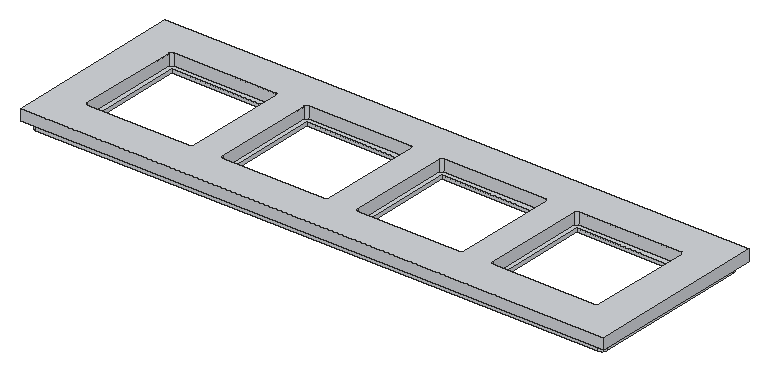
Revit family "Gira_0214220", category Electrical Fixtures, host Face, Revit 2017
Family settings
  Host = Face
  Maintain Annotation Orientation = No
  Round Connector Dimension = Use Diameter
  Part Type = Normal
  Cut with Voids When Loaded = No
  Shared = No
  Room Calculation Point = No
Parameters (values of type "Abdeckrahmen 4f Gira Esprit Lin.Mpx.Hellgrau")
  Werkstoffgüte = "sonstige"
  Werkstoff = "sonstige"
  URL = "http://katalog.gira.de/de_DE/datenblatt.html?artikelnr=0214220"
  Transparent = "No"
  Textfeld/Beschriftungsfläche = "No"
  Schutzart (IP) = "IP20"
  Region = "DE"
  Oberfläche = "sonstige"
  Name = "Abdeckrahmen 4f Gira Esprit Lin.Mpx.Hellgrau"
  Montagerichtung = "horizontal und vertikal"
  Mit Montagerahmen = "No"
  Mit Klappdeckel = "No"
  Manufacturer URL = "https://www.gira.de/"
  Keynote = "Espr._Rahmen_4fach"
  HeinzeBIM = "https://bimportal.heinze.de/bim/abdeckrahmen-4f-gira-esprit-lin-mpx-hellgrau/d1a391a5d417a3029f3a4f45c4d18e0cd5005a04"
  Halogenfrei = "No"
  HAN = "0214220"
  Geeignet für Unterputz-Installation = "Yes"
  Geeignet für Unterflurkanaldose = "No"
  Geeignet für Geräteeinbaukanal = "No"
  Geeignet für Einbauinstallation = "No"
  GTIN = "4010337015840"
  Farbe = "sonstige"
  Default Elevation = 1219.2 mm
  Data sheet (1) = "https://katalog.gira.de/de_DE/download.html?artikelnr=0214220"
  Category = "Abdeckrahmen"
  Befestigungsart = "Klemmbefestigung"
  Available = "Yes"
  Anzahl der Einheiten vertikal = "4 "
  Anzahl der Einheiten horizontal = "4 "
  Anzahl der Einheiten = "4 "
Reference planes
  plane 1 "Center (Front/Back)": y = 0
  plane 2: z = 0
  plane 3 "Center (Left/Right)": x = 0
Forms (mm)
  Extrusion 1, solid, detail levels fine
    sketch origin (0, 0, 0) x (1, 0, 0) y (0, 1, 0)
      loop
        line (-154, 47.5) -> (-154, -47.5) -> (154, -47.5) -> (154, 47.5) -> (-154, 47.5)
      loop
        arc (-135.25, -26.8) -> (-134.811, -27.861) -> (-133.75, -28.3) r 1.5
        line (-133.75, -28.3) -> (-80.15, -28.3)
        arc (-80.15, -28.3) -> (-79.089, -27.861) -> (-78.65, -26.8) r 1.5
        line (-78.65, -26.8) -> (-78.65, 26.8)
        arc (-78.65, 26.8) -> (-79.089, 27.861) -> (-80.15, 28.3) r 1.5
        line (-80.15, 28.3) -> (-133.75, 28.3)
        arc (-133.75, 28.3) -> (-134.811, 27.861) -> (-135.25, 26.8) r 1.5
        line (-135.25, 26.8) -> (-135.25, -26.8)
      loop
        arc (-63.95, -26.8) -> (-63.511, -27.861) -> (-62.45, -28.3) r 1.5
        line (-62.45, -28.3) -> (-8.85, -28.3)
        arc (-8.85, -28.3) -> (-7.789, -27.861) -> (-7.35, -26.8) r 1.5
        line (-7.35, -26.8) -> (-7.35, 26.8)
        arc (-7.35, 26.8) -> (-7.789, 27.861) -> (-8.85, 28.3) r 1.5
        line (-8.85, 28.3) -> (-62.45, 28.3)
        arc (-62.45, 28.3) -> (-63.511, 27.861) -> (-63.95, 26.8) r 1.5
        line (-63.95, 26.8) -> (-63.95, -26.8)
      loop
        arc (7.35, -26.8) -> (7.789, -27.861) -> (8.85, -28.3) r 1.5
        line (8.85, -28.3) -> (62.45, -28.3)
        arc (62.45, -28.3) -> (63.511, -27.861) -> (63.95, -26.8) r 1.5
        line (63.95, -26.8) -> (63.95, 26.8)
        arc (63.95, 26.8) -> (63.511, 27.861) -> (62.45, 28.3) r 1.5
        line (62.45, 28.3) -> (8.85, 28.3)
        arc (8.85, 28.3) -> (7.789, 27.861) -> (7.35, 26.8) r 1.5
        line (7.35, 26.8) -> (7.35, -26.8)
      loop
        arc (78.65, -26.8) -> (79.089, -27.861) -> (80.15, -28.3) r 1.5
        line (80.15, -28.3) -> (133.75, -28.3)
        arc (133.75, -28.3) -> (134.811, -27.861) -> (135.25, -26.8) r 1.5
        line (135.25, -26.8) -> (135.25, 26.8)
        arc (135.25, 26.8) -> (134.811, 27.861) -> (133.75, 28.3) r 1.5
        line (133.75, 28.3) -> (80.15, 28.3)
        arc (80.15, 28.3) -> (79.089, 27.861) -> (78.65, 26.8) r 1.5
        line (78.65, 26.8) -> (78.65, -26.8)
    from 0 to 6
  Extrusion 2, solid, detail levels fine
    sketch origin (0, 0, 0) x (1, 0, 0) y (0, 1, 0)
      loop
        line (-132.85, -25.7) -> (-81.05, -25.7) -> (-81.05, 25.7) -> (-132.85, 25.7) -> (-132.85, -25.7)
      loop
        line (61.55, 25.7) -> (9.75, 25.7) -> (9.75, -25.7) -> (61.55, -25.7) -> (61.55, 25.7)
      loop
        arc (-149.85, -41.4) -> (-149.323, -42.673) -> (-148.05, -43.2) r 1.8
        line (-148.05, -43.2) -> (148.05, -43.2)
        arc (148.05, -43.2) -> (149.323, -42.673) -> (149.85, -41.4) r 1.8
        line (149.85, -41.4) -> (149.85, 41.4)
        arc (149.85, 41.4) -> (149.323, 42.673) -> (148.05, 43.2) r 1.8
        line (148.05, 43.2) -> (-148.05, 43.2)
        arc (-148.05, 43.2) -> (-149.323, 42.673) -> (-149.85, 41.4) r 1.8
        line (-149.85, 41.4) -> (-149.85, -41.4)
      loop
        line (-9.75, 25.7) -> (-61.55, 25.7) -> (-61.55, -25.7) -> (-9.75, -25.7) -> (-9.75, 25.7)
      loop
        line (132.85, 25.7) -> (81.05, 25.7) -> (81.05, -25.7) -> (132.85, -25.7) -> (132.85, 25.7)
    from -1.9 to 0
  Extrusion 3, solid, detail levels fine
    sketch origin (0, 0, 0) x (1, 0, 0) y (0, 1, 0)
      loop
        arc (-148.05, 44.4) -> (-150.171, 43.521) -> (-151.05, 41.4) r 3
        line (-151.05, 41.4) -> (-151.05, -41.4)
        arc (-151.05, -41.4) -> (-150.171, -43.521) -> (-148.05, -44.4) r 3
        line (-148.05, -44.4) -> (148.05, -44.4)
        arc (148.05, -44.4) -> (150.171, -43.521) -> (151.05, -41.4) r 3
        line (151.05, -41.4) -> (151.05, 41.4)
        arc (151.05, 41.4) -> (150.171, 43.521) -> (148.05, 44.4) r 3
        line (148.05, 44.4) -> (-148.05, 44.4)
      loop
        arc (-149.85, -41.4) -> (-149.323, -42.673) -> (-148.05, -43.2) r 1.8
        line (-148.05, -43.2) -> (148.05, -43.2)
        arc (148.05, -43.2) -> (149.323, -42.673) -> (149.85, -41.4) r 1.8
        line (149.85, -41.4) -> (149.85, 41.4)
        arc (149.85, 41.4) -> (149.323, 42.673) -> (148.05, 43.2) r 1.8
        line (148.05, 43.2) -> (-148.05, 43.2)
        arc (-148.05, 43.2) -> (-149.323, 42.673) -> (-149.85, 41.4) r 1.8
        line (-149.85, 41.4) -> (-149.85, -41.4)
    from -3.7 to 0
  Extrusion 4, solid, detail levels medium
    sketch origin (0, 0, 0) x (1, 0, 0) y (0, 1, 0)
      loop
        line (-154, 47.5) -> (-154, -47.5) -> (154, -47.5) -> (154, 47.5) -> (-154, 47.5)
    from 0 to 6
  Extrusion 5, solid, detail levels medium
    sketch origin (0, 0, 0) x (1, 0, 0) y (0, 1, 0)
      loop
        line (-154, 44.4) -> (-154, -44.4) -> (154, -44.4) -> (154, 44.4) -> (-154, 44.4)
    from -3.7 to 0
  Extrusion 6, solid, detail levels coarse
    sketch origin (0, 0, 0) x (1, 0, 0) y (0, 1, 0)
      loop
        line (-154, 47.5) -> (-154, -47.5) -> (154, -47.5) -> (154, 47.5) -> (-154, 47.5)
    from -3.7 to 6
Dimensions and locks
  aligned and locked: plane 2 to host face
  aligned and locked: level to host face
